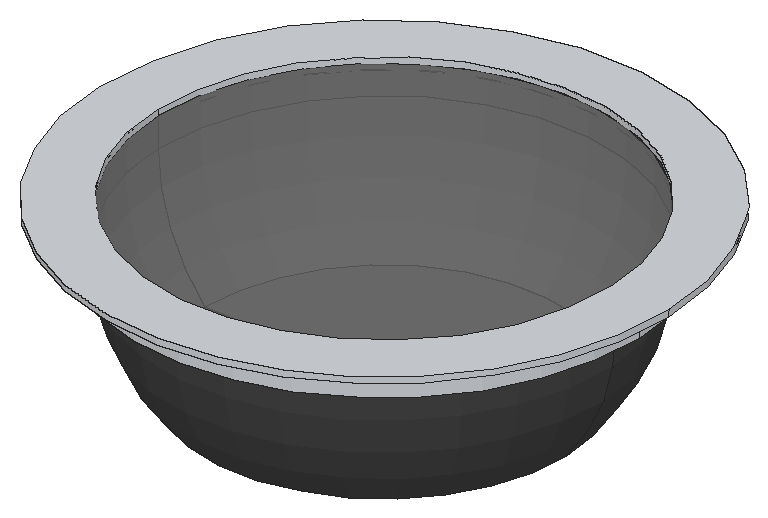
Revit family "3031808 Lighting Fixture_Sylvania_Syl-Lighter II_Ceiling Recessed", category Lighting Fixtures, host Face, Revit 2017
Family settings
  Host = Face
  Round Connector Dimension = Use Diameter
  Part Type = Normal
  OmniClass Number = 23.80.70.11.17
  OmniClass Title = Specialized Lighting by Location or Use
  Cut with Voids When Loaded = No
  Light Source = Yes
  Shared = No
  Room Calculation Point = No
Parameters (values of type "Syl-Lighter LED II 195 RO 15W WW")
  Weight = 0.45 kg
  Wattage = 13.8557 W
  built-in parameter 1150110 = 1 (stored number, unit not read)
  Voltage Comments = "UNV (Universal Voltage; 220-240 Volt)"  # constant formula
  Voltage = 240 V  # constant formula
  URL = "http://www.sylvania-lighting.com"
  built-in parameter 1114217 = 1 (stored number, unit not read)
  Tilt Angle = -90.00°  # constant formula
  built-in parameter 1150109 = 1 (stored number, unit not read)
  built-in parameter 1150134 = (empty or 0)
  Ta Rating = "-10°C to +40°C"  # constant formula
  built-in parameter 1150113 = 1 (stored number, unit not read)
  Recessed Depth = Height  # 55.0 mm
  IP Rating = "IP44"  # constant formula
  IK Rating = "IK07"  # constant formula
  Energy Class = "A++, A+, A"  # constant formula
  Dimmable = "DALI"  # constant formula
  Catalog Number = "3031808 Syl-Lighter LED II 195 RO 15W WW"
  Body Material = Metal_Sylvania_Syl-Lighter LED II_Silver
  Product Page URL = "http://www.sylvania-lighting.com/product/en-int/products/3031808"
  Product Family = "SYL-LIGHTER LED II"  # constant formula
  Photometry Comments = ""
  Photometric Web File = "3031808_Syl-Lighter195LED15WWW-182032.ies"
  built-in parameter 1150105 = 765.37 (stored number, unit not read)
  Lumens = 1367 lm
  built-in parameter 1150115 = 1 (stored number, unit not read)
  built-in parameter 1150137 = (empty or 0)
  built-in parameter 1150139 = (empty or 0)
  Life = "50 000h"  # constant formula
  built-in parameter 1150112 = 1 (stored number, unit not read)
  built-in parameter 1150114 = 1 (stored number, unit not read)
  Lamp Comments = "Integrated LED"
  built-in parameter 1150132 = 2
  built-in parameter 1150102 = (empty or 0)
  built-in parameter 1150107 = 3000 (stored number, unit not read)
  built-in parameter 1150138 = (empty or 0)
  built-in parameter 1150106 = 7.6537 (stored number, unit not read)
  Glow Wire Test = 650 °C  # constant formula
  Emit from Circle Diameter = Diffuser Diameter  # 155.0 mm
  Emit Shape Visible in Rendering = no
  built-in parameter 1150104 = 9.1658 (stored number, unit not read)
  Drive Current = "300mA"
  Dimming Lamp Color Temperature Shift = <None>
  Diffuser Radius = Diffuser Diameter / 2  # 77.5 mm
  Diffuser Diameter = Diameter - 20.0 mm  # 155.0 mm
  Inner Diameter = Diameter - 4.0 mm  # 171.0 mm
  Cutout Diameter = Diameter  # 175.0 mm
  Color Filter = 16777215
  Beam Angle = 74.00°
  built-in parameter 1114218 = 1 (stored number, unit not read)
  built-in parameter 1150133 = 10 (stored number, unit not read)
  Height = 55.0 mm
  Electrical Protection = "CLASS II"  # constant formula
  built-in parameter 1114216 [instance] = 1 (stored number, unit not read)
  Model = "Syl-Lighter LED II 195 RO 15W WW"
  Manufacturer = "Feilo Sylvania"  # constant formula
  Lamp = "LED"
  Diffuser Material = Polycarbonate_Sylvania_Syl-Lighter LED II_Opal
  Description = "Syl-Lighter LED II is available in 4 different round body sizes: 165mm, 195mm, 220mm & 240mm Syl-Lighter LED II 165 12W delivers a 1,134 lumen output (4,000K) - perfect for 1x26W CFL replacement Syl-Lighter LED II 195 15W delivers a 1,480 lumen output (4,000K) - perfect for 1x32W/2x18W CFL replacement Syl-Lighter LED II 220 21W delivers a 1,989 lumen output (4,000K) - perfect for 1x42W CFL replacement Syl-Lighter LED II 240 25W delivers a 2,289 lumen output (4,000K)- perfect for 2x26W CFL replacement High efficacy up to 99lm/W (Syl-Lighter LED II 195 4,000K) IP44 rating allows for installation in applicable wet zone areas Choice of 3,000K (warm white) or 4,000K (neutral white) Shallow recess depth of <65mm Can replace existing large CFL downlights using a 225mm ceiling cut out (Syl-Lighter LED II 240) Energy efficient electronic gear including analogue 1-10V and DALI dimmable options IK07 polycarbonate diffuser allows for a wider light distribution than a reflector downlight, allowing for increased spacings between luminaires 3 hour emergency pack available (to be ordered in addition to the luminaire) Ideal for applications such as corridors, public WCs and back of house areas Quick and easy to install Loop in-Loop out facility with red push fit terminal block for quick wiring White bezel (RAL 9003) Energy Class: A++, A+, A Long lifetime: 50,000 hours life at L70 (L80: 30,000 hours, L90: 15,000 hours)"  # constant formula
  Default Elevation = 0.0 mm
  built-in parameter 1140040 [instance] = 1
  Assembly Code = "D5020200"
  Apparent Load Comments = ""
  Apparent Load = 15 VA
  Accessory Radius = Accessory Diameter / 2  # 97.5 mm
  Accessory Material = Aluminum_Sylvania_Syl-Lighter LED II_White_RAL 9003
  Diameter = 175.0 mm
  Accessory Diameter = 195.0 mm
Reference planes
  plane 1 "Center (Front/Back)": y = 0
  plane 2: z = 0
  plane 3 "Center (Left/Right)": x = 0
  plane 4 "Fixture Bottom": z = 2
  plane 5: z = -10
  plane 6 "Fixture Top": z = -55
  plane 7: z = -2
Forms (mm)
  Extrusion 1, void
    sketch origin (0, 0, 58) x (-1, 0, 0) y (0, -1, 0)
      loop
        circle (0, 0) r 87.5
    from -171 to -55
  Extrusion 2, solid, detail levels fine
    sketch origin (0, 0, 58) x (-1, 0, 0) y (0, -1, 0)
      loop
        circle (0, 0) r 87.5
      loop
        circle (0, 0) r 85.5
    from -68 to -58
  Extrusion 3, solid, detail levels fine
    sketch origin (0, 0, 58) x (-1, 0, 0) y (0, -1, 0)
      loop
        circle (0, 0) r 97.5
      loop
        circle (0, 0) r 77.5
    from -58 to -56
  Extrusion 4, solid, material "Polycarbonate_Sylvania_Syl-Lighter LED II_Opal" <- "Diffuser Material", detail levels fine
    sketch origin (0, 0, 58) x (-1, 0, 0) y (0, -1, 0)
      loop
        circle (0, 0) r 77.5
    from -60 to -58
  Revolve 5, solid, material "Metal_Sylvania_Syl-Lighter LED II_Silver" <- "Body Material", detail levels fine
    sketch origin (0, 0, 0) x (1, 0, 0) y (0, 0, 1)
      loop
        line (-77.5, 0) -> (-79.5, 0) -> (-79.5, -10)
        arc (-79.5, -10) -> (-75.108, -34.052) -> (-62.5, -55) r 68.059
        line (-62.5, -55) -> (0, -55) -> (0, -53) -> (-61.589, -53)
        arc (-61.589, -53) -> (-73.395, -32.925) -> (-77.5, -10) r 66.059
        line (-77.5, -10) -> (-77.5, 0)
      axis (0, -55) -> (0, 0)
    angle from 0 to 360
  Revolve 6, solid, material "Aluminum_Sylvania_Syl-Lighter LED II_White_RAL 9003" <- "Accessory Material", detail levels coarse+medium
    sketch origin (0, 0, 0) x (1, 0, 0) y (0, 0, 1)
      loop
        line (-97.5, 2) -> (-97.5, 0) -> (-90, 0) -> (-90, -10) -> (-82, -10)
        arc (-82, -10) -> (-77.608, -34.052) -> (-65, -55) r 68.059
        line (-65, -55) -> (0, -55) -> (0, 2) -> (-97.5, 2)
      axis (0, 2) -> (0, -55)
    angle from 0 to 360
Cuts and joins
  joined: Extrusion 2, Extrusion 3
Lines and regions (mm)
  Masking region 1
    outline origin (0, 0, 58) x (-1, 0, 0) y (0, -1, 0)
      loop
        circle (0, 0) r 97.5
  symbolic lines, detail levels fine
    curve 1: arc (-77.5, 0, 58) -> (0, 77.5, 58) -> (77.5, 0, 58) r 77.5
    curve 2: arc (77.5, 0, 58) -> (0, -77.5, 58) -> (-77.5, 0, 58) r 77.5
Dimensions and locks
  locked: plane 4 "Fixture Bottom" to plane 2 at 2
  locked: plane 2 to plane 5 at 10
  "Height": plane 2 to plane 6 "Fixture Top"
  locked: plane 2 to plane 7 at 2
  "Diffuser Radius": plane 3 "Center (Left/Right)" to Revolve 5 sketch curve
  locked: Revolve 5 sketch curve to Revolve 5 sketch curve at 2
  locked: Revolve 5 sketch curve to Revolve 5 sketch curve at 15
  "Accessory Radius": plane 3 "Center (Left/Right)" to Revolve 6 sketch curve
  Revolve 6 sketch curve to Revolve 6 sketch curve to Revolve 6 sketch curve to Revolve 6 sketch curve = 7.5 mm locked, 8.0 mm locked, 17.0 mm locked
  "Cutout Diameter": diameter of Extrusion 1 sketch curve
  "Diameter": diameter of Extrusion 2 sketch curve
  "Inner Diameter": diameter of Extrusion 2 sketch curve
  "Accessory Diameter": diameter of Extrusion 3 sketch curve
  "Diffuser Diameter": diameter of Extrusion 3 sketch curve
  "Diffuser Diameter": diameter of Extrusion 4 sketch curve
  "Accessory Diameter": diameter of Masking region 1 sketch curve
  aligned and locked: host face to plane 2
  aligned and locked: host face to level
  aligned and locked: plane 4 "Fixture Bottom" to Extrusion 3
  aligned and locked: Extrusion 3 to plane 2
  aligned and locked: Extrusion 2 to plane 5
  aligned and locked: plane 2 to Extrusion 2
  aligned and locked: Extrusion 4 to plane 7
  aligned and locked: plane 2 to Extrusion 4
  aligned and locked: Revolve 5 sketch curve to plane 2
  aligned and locked: plane 5 to Revolve 5 sketch curve  (x2)
  aligned and locked: Revolve 5 sketch curve to plane 3 "Center (Left/Right)"
  aligned and locked: plane 3 "Center (Left/Right)" to Revolve 5 sketch curve
  aligned and locked: Revolve 6 sketch curve to plane 5
  aligned and locked: Revolve 6 sketch curve to plane 2
  aligned and locked: Revolve 6 sketch curve to plane 4 "Fixture Bottom"
  aligned and locked: plane 3 "Center (Left/Right)" to Revolve 6 sketch curve
  aligned and locked: Revolve 6 sketch curve to plane 3 "Center (Left/Right)"
  aligned and locked: plane 3 "Center (Left/Right)" to imposter light
  aligned and locked: imposter light to plane 1 "Center (Front/Back)"
  aligned and locked: imposter light to plane 4 "Fixture Bottom"
  aligned and locked: curve 1 to cut or joined group of Extrusion 2, Extrusion 3
Automatic sketch dimensions
  host sketch curve to host sketch curve = 700.0 mm
  host sketch curve to host sketch curve = 620.0 mm
  plane 1 "Center (Front/Back)" to Extrusion 1 sketch curve = 0.0 mm
  Extrusion 1 sketch curve to plane 3 "Center (Left/Right)" = 0.0 mm
  Extrusion 2 sketch curve to Extrusion 2 sketch curve = 0.0 mm  (x2)
  plane 1 "Center (Front/Back)" to Extrusion 2 sketch curve = 0.0 mm
  Extrusion 2 sketch curve to plane 3 "Center (Left/Right)" = 0.0 mm
  Extrusion 3 sketch curve to Extrusion 3 sketch curve = 0.0 mm  (x2)
  plane 1 "Center (Front/Back)" to Extrusion 3 sketch curve = 0.0 mm
  Extrusion 3 sketch curve to plane 3 "Center (Left/Right)" = 0.0 mm
  plane 1 "Center (Front/Back)" to Extrusion 4 sketch curve = 0.0 mm
  Extrusion 4 sketch curve to plane 3 "Center (Left/Right)" = 0.0 mm
  Revolve 5 sketch curve to Revolve 5 sketch curve = 0.0 mm
  Revolve 5 sketch curve to plane 6 "Fixture Top" = 0.0 mm
  plane 6 "Fixture Top" to Revolve 5 sketch curve = 2.0 mm
  Revolve 5 sketch curve to Revolve 5 sketch curve = 17.111 mm
  plane 4 "Fixture Bottom" to Revolve 5 sketch curve = 20.889 mm
  Revolve 6 sketch curve to plane 6 "Fixture Top" = 0.0 mm
  Revolve 6 sketch curve to plane 6 "Fixture Top" = 63.885 mm
  Revolve 6 sketch curve to Revolve 6 sketch curve = 84.115 mm
  plane 1 "Center (Front/Back)" to Masking region 1 sketch curve = 0.0 mm
  Masking region 1 sketch curve to plane 3 "Center (Left/Right)" = 0.0 mm
Connectors
  electrical at (0, 0, -55), driven by "Apparent Load", driven by "Voltage"
    settings: on Revolve 5, index 1, voltage 240 V, apparent load 0 VA, apparent load phase1 15 VA, apparent load phase2 0 VA, apparent load phase3 0 VA, power factor 1, load classification "Lighting", number of poles 1, system type 31, power factor state 1, is connector primary yes, connector utility no, sub classification motor no, connector description ""
